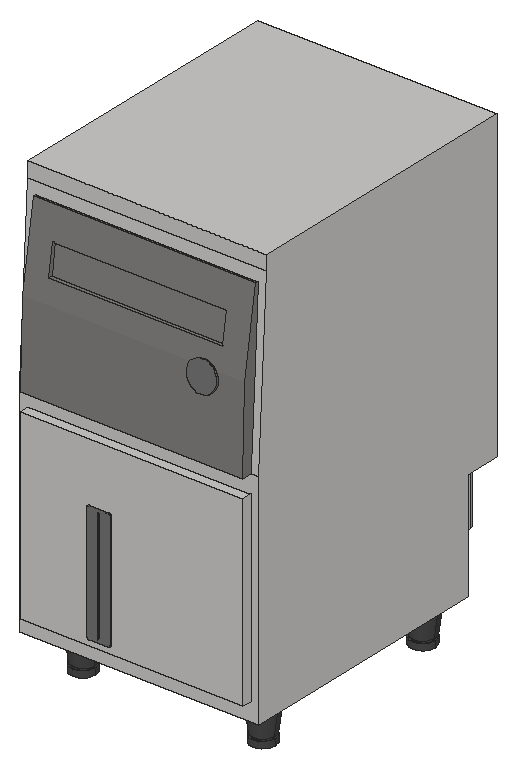
Revit family "QF_MACOM_HOSIM30CA-2M", category Equipamento especial, Revit 2020 (continued)
Lines and regions (mm)
  model lines
    curve 680: arc (0, -397, 216.6) -> (0, -400, 219.6) -> (0, -397, 222.6) r 3
    curve 681: line (0, -328, 225.4) -> (0, -397, 225.4)
    curve 682: line (0, -397, 231.4) -> (0, -328, 231.4)
    curve 683: arc (0, -328, 231.4) -> (0, -325, 228.4) -> (0, -328, 225.4) r 3
    curve 684: arc (0, -397, 225.4) -> (0, -400, 228.4) -> (0, -397, 231.4) r 3
    curve 685: line (0, -328, 234.2) -> (0, -397, 234.2)
    curve 686: line (0, -397, 240.2) -> (0, -328, 240.2)
    curve 687: arc (0, -328, 240.2) -> (0, -325, 237.2) -> (0, -328, 234.2) r 3
    curve 688: arc (0, -397, 234.2) -> (0, -400, 237.2) -> (0, -397, 240.2) r 3
    curve 689: line (0, -328, 243) -> (0, -397, 243)
    curve 690: line (0, -397, 249) -> (0, -328, 249)
    curve 691: arc (0, -328, 249) -> (0, -325, 246) -> (0, -328, 243) r 3
    curve 692: arc (0, -397, 243) -> (0, -400, 246) -> (0, -397, 249) r 3
    curve 693: line (0, -328, 251.8) -> (0, -397, 251.8)
    curve 694: line (0, -397, 257.8) -> (0, -328, 257.8)
    curve 695: arc (0, -328, 257.8) -> (0, -325, 254.8) -> (0, -328, 251.8) r 3
    curve 696: arc (0, -397, 251.8) -> (0, -400, 254.8) -> (0, -397, 257.8) r 3
    curve 697: line (0, -478, 741) -> (0, 0, 741)
    curve 698: line (398, -478, 741) -> (398, 0, 741)
    curve 699: line (398, 0, 741) -> (0, 0, 741)
  model lines, not visible
    curve 185: line (32, -510, 111) -> (101, -510, 111)
    curve 186: line (101, -510, 117) -> (32, -510, 117)
    curve 187: arc (101, -510, 111) -> (104, -510, 114) -> (101, -510, 117) r 3
    curve 188: arc (32, -510, 117) -> (29, -510, 114) -> (32, -510, 111) r 3
    curve 349: line (398, -158, 111) -> (398, -227, 111)
    curve 350: line (398, -227, 117) -> (398, -158, 117)
    curve 351: arc (398, -158, 117) -> (398, -155, 114) -> (398, -158, 111) r 3
    curve 352: arc (398, -227, 111) -> (398, -230, 114) -> (398, -227, 117) r 3
    curve 557: line (0, -158, 111) -> (0, -227, 111)
    curve 558: line (0, -227, 117) -> (0, -158, 117)
    curve 559: arc (0, -158, 117) -> (0, -155, 114) -> (0, -158, 111) r 3
    curve 560: arc (0, -227, 111) -> (0, -230, 114) -> (0, -227, 117) r 3
  symbolic lines
    curve 700: line (0, 0, 0) -> (398, 0, 0)
    curve 701: line (0, -495, 0) -> (0, 0, 0)
    curve 702: line (398, -495, 0) -> (0, -495, 0)
    curve 703: line (398, 0, 0) -> (398, -495, 0)
    curve 704: line (384, -510.839, 0) -> (14, -510.839, 0)
    curve 705: line (384, -495, 0) -> (384, -510.839, 0)
    curve 706: line (14, -495, 0) -> (384, -495, 0)
    curve 707: line (14, -510.839, 0) -> (14, -495, 0)
    curve 708: line (54, -501.955, 0) -> (344, -501.955, 0)
    curve 709: line (54, -496.228, 0) -> (54, -501.955, 0)
    curve 710: line (344, -496.228, 0) -> (54, -496.228, 0)
    curve 711: line (344, -501.955, 0) -> (344, -496.228, 0)
Dimensions and locks
  locked: Extrusion 1 sketch curve to Extrusion 1 sketch curve at 695
  locked: Extrusion 1 sketch curve to Extrusion 1 sketch curve at 183
  Extrusion 1 sketch curve to Extrusion 1 sketch curve = 435 mm
  locked: Extrusion 1 sketch curve to Extrusion 1 sketch curve at 60
  level to Extrusion 1 sketch curve = 71 mm
  locked: Extrusion 1 to nested 3 at 49
  locked: nested 1 to Extrusion 1 at 49
  locked: nested 3 to Extrusion 1 at 92
  locked: Extrusion 1 to nested 4 at 70
  locked: Extrusion 2 sketch curve to Extrusion 1 at 30
  locked: Extrusion 2 sketch curve to Extrusion 1 at 14
  locked: Extrusion 1 to Extrusion 2 sketch curve at 14
  locked: Extrusion 2 sketch curve to Extrusion 2 sketch curve at 310
  locked: Extrusion 3 sketch curve to Extrusion 3 sketch curve at 40
  locked: Extrusion 3 sketch curve to Extrusion 3 sketch curve at 4
  locked: Extrusion 3 sketch curve to Extrusion 3 sketch curve at 200
  locked: Extrusion 3 sketch curve to Extrusion 3 sketch curve at 190
  Extrusion 3 sketch curve to Extrusion 3 sketch curve = 18 mm
  locked: Extrusion 3 sketch curve to Extrusion 3 sketch curve at 5
  locked: Extrusion 3 sketch curve to Extrusion 2 at 110
  locked: Extrusion 3 sketch curve to Extrusion 2 at 10
  equal spacing: group 1, group 2, group 3, group 4, group 5, group 6, group 7, group 8, group 9, group 10, group 11, group 12, group 13, group 14, group 15, group 16, group 17, group 18, group 19, group 20, group 21, group 22, group 23  (x3)
  equal spacing: group 71, group 72, group 73, group 74, group 75, group 76, group 77, group 78, group 79, group 80, group 81, group 82, group 83, group 84, group 85, group 86, group 87  (x3)
  equal spacing: group 89, group 90, group 91, group 92, group 93, group 94, group 95, group 96, group 97, group 98, group 99, group 100, group 101, group 102, group 103, group 104, group 105  (x3)
  equal spacing: group 106, group 107, group 108, group 109, group 110, group 111, group 112, group 113, group 114, group 115, group 116, group 117, group 118, group 119, group 120, group 121, group 122  (x3)
  equal spacing: group 123, group 124, group 125, group 126, group 127, group 128, group 129, group 130, group 131, group 132, group 133, group 134, group 135, group 136, group 137, group 138, group 139  (x3)
  equal spacing: group 141, group 142, group 143, group 144, group 145, group 146, group 147, group 148, group 149, group 150, group 151, group 152, group 153, group 154, group 155, group 156, group 157  (x3)
  equal spacing: group 158, group 159, group 160, group 161, group 162, group 163, group 164, group 165, group 166, group 167, group 168, group 169, group 170, group 171, group 172, group 173, group 174  (x3)
  plane 1 "Centro (Frontal/Traseira)" to plane 4 = 510 mm
  locked: Extrusion 9 sketch curve to plane 3 "Centro (Esquerda/Direita)" at 35
  locked: Extrusion 9 sketch curve to plane 3 "Centro (Esquerda/Direita)" at 72
  locked: Extrusion 1 to Extrusion 9 sketch curve at 107
  "Indirect Waste Connection Height": Extrusion 1 to Extrusion 9 sketch curve
  locked: Extrusion 10 sketch curve to plane 1 "Centro (Frontal/Traseira)" at 30
  locked: plane 3 "Centro (Esquerda/Direita)" to Extrusion 10 sketch curve at 372
  "Length Actual": Extrusion 1 to plane 3 "Centro (Esquerda/Direita)"
  "Height Actual": Extrusion 1 to level
  "Depth Actual": plane 1 "Centro (Frontal/Traseira)" to plane 5
  diameter of Extrusion 9 sketch curve = 22 mm
  "Cold Water Size": diameter of Extrusion 10 sketch curve
  aligned and locked: level to plane 2
  aligned and locked: level to nested 2
  aligned and locked: level to nested 1
  aligned and locked: nested 2 to nested 1
  aligned and locked: nested 3 to nested 4
  aligned and locked: level to nested 4
  aligned and locked: level to nested 3
  aligned and locked: Extrusion 1 to nested 3
  aligned and locked: Extrusion 1 to nested 1
  aligned and locked: nested 3 to nested 1
  aligned and locked: nested 2 to nested 4
  aligned and locked: Extrusion 8 sketch curve to Extrusion 7  (x4)
  aligned and locked: plane 5 to curve 35
Automatic sketch dimensions
  curve 702 to plane 3 "Centro (Esquerda/Direita)" = 0 mm
  plane 1 "Centro (Frontal/Traseira)" to curve 703 = 0 mm
  plane 5 to curve 707 = 0.839 mm
  plane 3 "Centro (Esquerda/Direita)" to curve 707 = 14 mm
  curve 709 to plane 5 = 13.772 mm
  curve 706 to curve 709 = 40 mm
  curve 709 to curve 710 = 290 mm
  curve 705 to plane 5 = 15 mm
  curve 710 to curve 705 = 40 mm
  plane 3 "Centro (Esquerda/Direita)" to curve 703 = 398 mm
  curve 708 to curve 709 = 5.727 mm
  curve 705 to curve 703 = 0 mm
  Extrusion 1 sketch curve to plane 1 "Centro (Frontal/Traseira)" = 0 mm
  Extrusion 1 sketch curve to plane 5 = 32 mm
  Extrusion 1 sketch curve to Extrusion 1 sketch curve = 325 mm
  Extrusion 1 sketch curve to Extrusion 1 sketch curve = 25 mm
  Extrusion 3 sketch curve to Extrusion 3 sketch curve = 5 mm  (x4)
  Extrusion 3 sketch curve to Extrusion 3 sketch curve = 1 mm  (x4)
  curve 698 to Extrusion 1 = 0 mm  (x3)
  Extrusion 1 to curve 697 = 0 mm
  curve 697 to Extrusion 1 = 0 mm  (x2)
  curve 699 to Extrusion 1 = 0 mm
  Extrusion 1 to curve 699 = 0 mm
  curve 699 to Extrusion 1 = 25 mm
  Extrusion 4 sketch curve to Extrusion 1 = 0 mm  (x3)
  Extrusion 4 sketch curve to Extrusion 4 sketch curve = 15 mm
  Extrusion 1 to Extrusion 4 sketch curve = 6.133 mm
  Extrusion 1 to Extrusion 4 sketch curve = 1.133 mm
  Extrusion 4 sketch curve to Extrusion 1 = 229.371 mm
  Extrusion 4 to Extrusion 5 sketch curve = 50 mm
  Extrusion 5 sketch curve to Extrusion 5 sketch curve = 5.068 mm
  Extrusion 4 to Extrusion 5 sketch curve = 100 mm
  Extrusion 5 sketch curve to Extrusion 5 sketch curve = 5.727 mm
  Extrusion 4 to Extrusion 6 sketch curve = 0 mm  (x2)
  Extrusion 6 sketch curve to Extrusion 4 = 0 mm  (x2)
  Extrusion 6 sketch curve to Extrusion 6 sketch curve = 0 mm
  Extrusion 6 sketch curve to Extrusion 4 = 135.558 mm
  Extrusion 6 sketch curve to Extrusion 6 sketch curve = 240.393 mm
  Extrusion 7 sketch curve to Extrusion 1 = 0 mm  (x2)
  Extrusion 1 to Extrusion 7 sketch curve = 0 mm
  Extrusion 1 to Extrusion 7 sketch curve = 17 mm  (x2)
  Extrusion 7 sketch curve to Extrusion 1 = 150 mm  (x3)
  radius of Extrusion 5 sketch curve to Extrusion 4 = 0 mm
  radius of Extrusion 9 sketch curve = 9.525 mm
Nested families
  nested 1: "PÉ 71mm IM-30CA" at (49, -92, 0), type "PÉ 71mm IM-30CA"
    with Weight 0.00 kg, Show Logo yes, Show Clearances yes, Masterspec "", Length Actual 0 mm, Identify Quantity as Lot yes, Height Actual 0 mm, Foodservice Equipment Identifier yes, Depth Actual 0 mm, CSI MasterFormat "", CE Approved yes, Accessory yes
  nested 2: "PÉ 71mm IM-30CA" at (49, -425, 0), type "PÉ 71mm IM-30CA"
    with Weight 0.00 kg, Show Logo yes, Show Clearances yes, Masterspec "", Length Actual 0 mm, Identify Quantity as Lot yes, Height Actual 0 mm, Foodservice Equipment Identifier yes, Depth Actual 0 mm, CSI MasterFormat "", CE Approved yes, Accessory yes
  nested 3: "PÉ 71mm IM-30CA" at (349, -92, 0), type "PÉ 71mm IM-30CA"
    with Weight 0.00 kg, Show Logo yes, Show Clearances yes, Masterspec "", Length Actual 0 mm, Identify Quantity as Lot yes, Height Actual 0 mm, Foodservice Equipment Identifier yes, Depth Actual 0 mm, CSI MasterFormat "", CE Approved yes, Accessory yes
  nested 4: "PÉ 71mm IM-30CA" at (349, -425, 0), type "PÉ 71mm IM-30CA"
    with Weight 0.00 kg, Show Logo yes, Show Clearances yes, Masterspec "", Length Actual 0 mm, Identify Quantity as Lot yes, Height Actual 0 mm, Foodservice Equipment Identifier yes, Depth Actual 0 mm, CSI MasterFormat "", CE Approved yes, Accessory yes
  nested 5: "QF_Hoshizaki_Logo" at (-905.2, 710.51, 542.889), visible <- "Show Logo", type "QF_Hoshizaki_Logo"
    with Type Mark "", Status "", Specification by User "", Show Logo yes, Serial Number "", Revision Code "", Item Number "", Installed By "", Identify Quantity as Lot yes, Furnished By "", Foodservice Equipment Identifier yes
Connectors
  electrical at (35, -53.65, 222), driven by "Volts"
    settings: on Extrusion 9, index 1, voltage 220 V, apparent load 0 VA, apparent load phase1 0 VA, apparent load phase2 0 VA, apparent load phase3 0 VA, power factor 1, load classification "Outro", number of poles 1, system type 30, power factor state 1, is connector primary yes, connector utility no, sub classification motor no, connector description ""
  piping at (72, -53.65, 178), diameter 22, driven by "Indirect Waste Size"
    settings: on Extrusion 9, index 2, connector inside diameter 24", connector length 0 mm, flow factor 0, pipe flow 0.0 L/s, pressure drop 0.0 Pa, fitting loss kfactor 0, connector angle 0.00°, fixture units 0, engagement length 0 mm, angle of deflection 0.00°, flow configuration 0, flow direction 2, fitting loss method 0, system type 16, joint type 0, gender type 0, connector reference index -1, connector utility 0, adjustable connector no, is connector primary yes, connector description ""
  piping at (372, -30, 154), diameter 12.7, driven by "Cold Water Size"
    settings: on Extrusion 10, index 3, connector inside diameter 24", connector length 0 mm, flow factor 0, pipe flow 0.0 L/s, pressure drop 0.0 Pa, fitting loss kfactor 0, connector angle 0.00°, fixture units 0, engagement length 0 mm, angle of deflection 0.00°, flow configuration 0, flow direction 1, fitting loss method 0, system type 7, joint type 0, gender type 0, connector reference index -1, connector utility 0, adjustable connector no, is connector primary no, connector description ""
Definition of nested family "PÉ 71mm IM-30CA"
  Parameters (values of type "PÉ 71mm IM-30CA")
    Weight [instance] = 0.00 kg
    Default Elevation = 0 mm
    Type Comments = ""
    Show Logo [instance] = yes
    Show Clearances [instance] = yes
    Masterspec [instance] = ""
    Length Actual [instance] = 0 mm
    Identify Quantity as Lot [instance] = yes
    Height Actual [instance] = 0 mm
    Foodservice Equipment Identifier [instance] = yes
    Depth Actual [instance] = 0 mm
    CSI MasterFormat [instance] = ""
    CE Approved [instance] = yes
    Accessory [instance] = yes
  Reference planes
    plane 1 "Centro (Frontal/Traseira)": y = 0
    plane 2: z = 0
    plane 3 "Centro (Esquerda/Direita)": x = 0
  Forms (mm)
    Revolve 1, solid
      sketch origin (0, 0, 0) x (1, 0, 0) y (0, 0, 1)
        loop
          line (0, 0) -> (20.575, 0) -> (20.575, 10) -> (17.3, 10) -> (17.3, 13.5) -> (19.3, 13.5) -> (26, 61) -> (30, 61) -> (30, 71) -> (0, 71) -> (0, 0)
        axis (0, 71) -> (0, 0)
      angle from 0 to 360
  Dimensions and locks
    aligned and locked: level to plane 2
Definition of nested family "QF_Hoshizaki_Logo"
  Parameters (values of type "QF_Hoshizaki_Logo")
    Weight in Pounds = 0
    URL Cutsheet = ""
    Type Mark [instance] = ""
    Status [instance] = ""
    Specification by User [instance] = ""
    Specification by Manufacturer = ""
    Show Logo [instance] = yes
    Serial Number [instance] = ""
    Seismic Rating = ""
    SMACNA No = ""
    Revision Code [instance] = ""
    Omniclass Number and Title = ""
    NAFEM Spec ID Number = ""
    MasterSpec. = "11 40 00"
    Item Number [instance] = ""
    Installed By [instance] = ""
    Identify Quantity as Lot [instance] = yes
    Furnished By [instance] = ""
    Foodservice Equipment Identifier [instance] = yes
    Default Elevation = 1219.2 mm
    CSI MasterFormat = "11 40 00"
    Assembly Code = "E1090300"
  Reference planes
    plane 1: z = 0
    plane 2 "Center (Left/Right)": x = 1219.2
    plane 3 "Center (Front/Back)": y = -1219.2
  Forms (mm)
    Extrusion 1, solid, visible <- "Show Logo"
      sketch origin (1267.55, -1209.925, 88.249) x (0, -0.104528, -0.994522) y (1, 0, 0)
        loop
          circle (63.336, -48.35) r 25.4
      from 0 to 3.175
  Lines and regions (mm)
    Split face 1
      outline origin (1267.55, -1213.082, 88.581) x (0, -0.104528, -0.994522) y (1, 0, 0)
        loop
          line (74.868, -35.556) -> (60.879, -36.703) -> (55.307, -45.687)
          arc (55.307, -45.687) -> (64.924, -42.365) -> (74.868, -44.516) r 18.88
          line (74.868, -44.516) -> (74.868, -35.556)
    Split face 2
      outline origin (1267.55, -1213.082, 88.581) x (0, -0.104528, -0.994522) y (1, 0, 0)
        loop
          line (62.494, -52.958) -> (58.526, -58.861) -> (61.435, -63.061) -> (63.114, -63.449) -> (68.567, -63.449) -> (74.493, -61.168) -> (77.47, -55.814) -> (74.868, -55.814) -> (62.494, -52.958)
    Split face 3
      outline origin (1267.55, -1213.082, 88.581) x (0, -0.104528, -0.994522) y (1, 0, 0)
        loop
          line (77.268, -44.516) -> (76.58, -45.539) -> (77.552, -47.223) -> (76.427, -47.872) -> (76.925, -49.166) -> (78.325, -49.489) -> (78.325, -44.516) -> (77.268, -44.516)
    Split face 4
      outline origin (1267.55, -1213.082, 88.581) x (0, -0.104528, -0.994522) y (1, 0, 0)
        loop
          line (77.47, -55.814) -> (70.252, -49.758) -> (72.168, -48.652) -> (71.424, -45.877) -> (70.362, -44.814) -> (65.564, -47.584) -> (60.879, -47.584) -> (56.481, -50.123) -> (55.306, -51.298) -> (55.306, -45.687) -> (51.858, -44.891) -> (50.298, -46.451) -> (49.289, -47.46) -> (49.289, -49.006) -> (50.134, -50.469) -> (52.623, -52.958) -> (56.804, -52.958) -> (62.494, -52.958)
    Split face 5
      outline origin (1267.55, -1213.082, 88.581) x (0, -0.104528, -0.994522) y (1, 0, 0)
        loop
          line (77.47, -55.814) -> (76.925, -49.166)
        loop
          arc (76.58, -45.539) -> (75.738, -45.005) -> (74.868, -44.516) r 18.875
    Split face 6
      outline origin (1267.55, -1213.082, 88.581) x (0, -0.104528, -0.994522) y (1, 0, 0)
        loop
          circle (63.336, -48.35) r 20.267
  Dimensions and locks
    aligned and locked: level to plane 1
